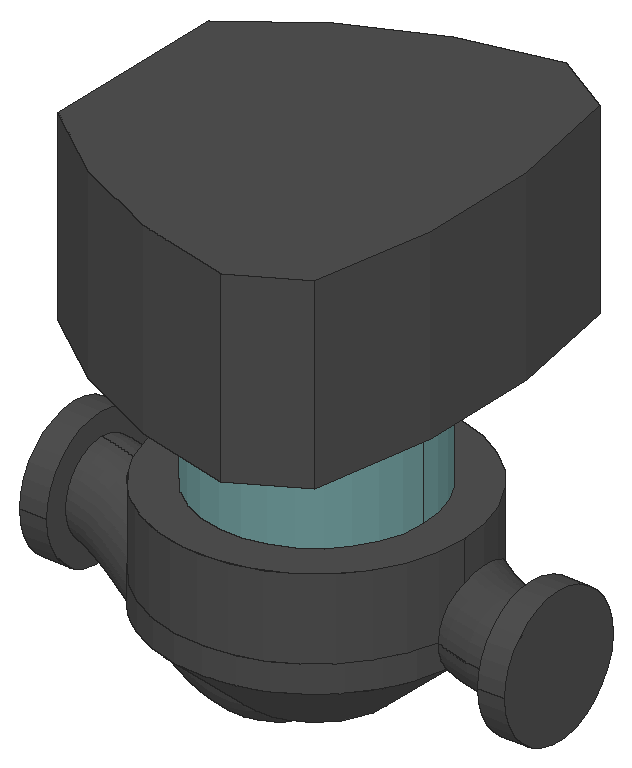
Revit family "Shinhoo_MEGA_G", category Оборудование, Revit 2019
Family settings
  Размер круглого соединителя = Использовать диаметр
  Классификация = Нет
  Тип детали = Вставляется
  На основе рабочей плоскости = Нет
  Всегда вертикально = Нет
  При загрузке вырезать с полостями = Нет
  Общий = Нет
  Точка расчета площади = Нет
Parameters (values of type "MEGA 25-12 180 1x230В - 71121002")
  Тип основания = "встроенный"  # constant formula
  Тип Насоса = "Регулируемый высокоэффективный циркуляционный насос с «мокрым» ротором"  # constant formula
  Степень защиты от удара (IK) = "IK04"  # constant formula
  Скорость вращения = 2850  # constant formula
  Разработчик (телефон) = "+7(495)649-85-43"  # constant formula
  Разработчик (e-mail) = "office@prorubim.com"  # constant formula
  Разработчик = "ООО ПРОРУБИМ"  # constant formula
  Переключатель УГО [instance] = no
  Класс защиты (IP) = "IP42"  # constant formula
  r6 = 55 mm  # constant formula
  r1_3 = r1 + (r1 / 2)  # 25 mm
  r1_1 = r1 + 1 mm  # 17.667 mm
  r1 = d1 / 2  # 16.667 mm
  b1_20 = B2 - (B2 / 7)  # 68.571 mm
  Группа модели = "MEGA 25-12 180 1x230В"
  Изготовитель = "Shinhoo"  # constant formula
  URL = "https://shinhoopump.ru/"
  L = 180 mm  # constant formula
  H1 = 55 mm  # constant formula
  H2 = 144 mm  # constant formula
  H = H2 + H1  # 199 mm
  DN = 25 mm
  d6 = 50 mm  # constant formula
  d1 = d6 / 1.5  # 33.333 mm
  B1 = 80 mm  # constant formula
  B2 = 80 mm  # constant formula
  B = B2 + B1  # 160 mm
  ADSK_Ток = 1.25 A
  ADSK_Расход жидкости = 0.003056 m³/s
  ADSK_Полная мощность = 185 VA
  ADSK_Позиция = ""
  ADSK_Обозначение = "ГОСТ 31839-2012, ГОСТ 12.2.007.0-75, ГОСТ 12.2.003-91, ГОСТ Р МЭК 60204-1-2007,  ГОСТ 30804"  # constant formula
  ADSK_Номинальная мощность = 185 W
  ADSK_Напряжение = 230 V  # constant formula
  ADSK_Наименование краткое = "MEGA 25-12 180 1x230В"
  ADSK_Наименование = "Регулируемый высокоэффективный циркуляционный насос с «мокрым» ротором MEGA 25-12 180 1x230В"
  ADSK_Материал = Чугун с катафорезным покрытием
  ADSK_Масса_Текст = "5.5"
  ADSK_Масса = 5.5
  ADSK_Марка = ""
  ADSK_Коэффициент мощности = 1  # constant formula
  ADSK_Количество = 1  # constant formula
  ADSK_Код изделия = "71121002"
  ADSK_Завод-изготовитель = "Shinhoo"  # constant formula
  ADSK_Единица измерения = "шт"  # constant formula
  ADSK_Версия семейства = "1.0"  # constant formula
  ADSK_Версия Revit = "2019"  # constant formula
  ADSK_URL страницы изделия = "https://shinhoopump.ru/"
Types (5, lengths in mm): name | Группа модели | DN | ADSK_Ток | ADSK_Расход жидкости | ADSK_Полная мощность | ADSK_Номинальная мощность | ADSK_Наименование краткое | ADSK_Наименование | ADSK_Масса_Текст | ADSK_Масса | ADSK_Код изделия
  (no name) | "MEGA 25-12 180 1x230В" | 25 | 1.25 A | 0.003056 m³/s | 185 VA | 185 W | "MEGA 25-12 180 1x230В" | "Регулируемый высокоэффективный циркуляционный насос с «мокрым» ротором MEGA 25-12 180 1x230В" | "5.5" | 5.5 | "71121002"
  MEGA 25-8 180 1x230В - 71121001 | "MEGA 25-8 180 1x230В" | 25 | 0.9 A | 0.002361 m³/s | 130 VA | 130 W | "MEGA 25-8 180 1x230В" | "Регулируемый высокоэффективный циркуляционный насос с «мокрым» ротором MEGA 25-8 180 1x230В" | "4.5" | 4.5 | "71121001"
  MEGA 25-12 180 1x230В - 71121002 | "MEGA 25-12 180 1x230В" | 25 | 1.25 A | 0.003056 m³/s | 185 VA | 185 W | "MEGA 25-12 180 1x230В" | "Регулируемый высокоэффективный циркуляционный насос с «мокрым» ротором MEGA 25-12 180 1x230В" | "5.5" | 5.5 | "71121002"
  MEGA 32-8 180 1x230В - 71121003 | "MEGA 32-8 180 1x230В" | 32 | 0.9 A | 0.002361 m³/s | 130 VA | 130 W | "MEGA 32-8 180 1x230В" | "Регулируемый высокоэффективный циркуляционный насос с «мокрым» ротором MEGA 32-8 180 1x230В" | "5" | 5 | "71121003"
  MEGA 32-12 180 1x230В - 71121004 | "MEGA 32-12 180 1x230В" | 32 | 1.25 A | 0.003056 m³/s | 185 VA | 185 W | "MEGA 32-12 180 1x230В" | "Регулируемый высокоэффективный циркуляционный насос с «мокрым» ротором MEGA 32-12 180 1x230В" | "6" | 6 | "71121004"
Reference planes
  plane 1 "Center (Front/Back)": y = 0
  plane 2: z = 0
  plane 3 "Center (Left/Right)": x = 0
  plane 4: x = -90
  plane 5: x = 90
  plane 6: through (0, 0, 1200) normal (-0.7071, 0.7071, 0)
  plane 7: y = 80
  plane 8: z = -55
  plane 9: z = 144
  plane 10: z = -16.667
  plane 11: through (0, 0, 1200) normal (0.7071, 0.7071, 0)
  plane 12: through (38.891, 38.891, 1200) normal (0.7071, 0.7071, 0)
  plane 13: y = -80
  plane 14: x = 80
  plane 15: x = -80
Forms (mm)
  Sweep 1, solid, material "Чугун с катафорезным покрытием" <- "ADSK_Материал", detail levels fine
    path origin (0, 0, 0) x (1, 0, 0) y (0, 0, 1)
      loop
        spline (-85, 0) -> (-76.458, -0.607) -> (-68.396, -4.275) -> (-60.674, -10.053) -> (-53.152, -16.989) -> (-45.69, -24.132) -> (-38.146, -30.53) -> (-30.381, -35.232) -> (-22.256, -37.287) -> (-13.628, -35.742) -> (-4.359, -29.647) -> (5.693, -18.05) -> (16.667, 0)
    profile origin (-38.146, 0, -30.53) x (0.59904, 0, 0.800719) y (0, -1, 0)
      loop
        circle (0, 0) r 16.667
  Revolve 2, solid, material "Чугун с катафорезным покрытием" <- "ADSK_Материал", detail levels fine
    sketch origin (0, 0, 0) x (1, 0, 0) y (0, 0, 1)
      loop
        line (0, -35.833) -> (0, 0) -> (-55, 0) -> (-55, -10) -> (-25.667, -35.833) -> (0, -35.833)
      axis (0, 0) -> (0, -35.833)
    angle from 0 to 360
  Sweep 3, solid, material "Чугун с катафорезным покрытием" <- "ADSK_Материал", detail levels fine
    path origin (0, 0, 0) x (1, 0, 0) y (0, 1, 0)
      loop
        spline (86.259, 0) -> (81.297, -0.008) -> (76.331, 0.385) -> (71.36, 1.179) -> (66.384, 2.376) -> (61.403, 3.973) -> (56.417, 5.972) -> (51.427, 8.373) -> (46.431, 11.175) -> (41.43, 14.379) -> (36.425, 17.984) -> (31.414, 21.991) -> (26.399, 26.399)
    profile origin (56.417, 5.972, 0) x (-0.40351, -0.914975, 0) y (0, 0, 1)
      loop
        circle (0, 0) r 16.667
  Extrusion 4, solid, material "Чугун с катафорезным покрытием" <- "ADSK_Материал", detail levels fine
    sketch origin (-90, 716.956, 1200) x (0, 1, 0) y (0, 0, 1)
      loop
        circle (-716.956, -1200) r 25
    from 0 to 10
  Extrusion 5, solid, material "Чугун с катафорезным покрытием" <- "ADSK_Материал", detail levels fine
    sketch origin (90, 716.956, 1200) x (0, 1, 0) y (0, 0, 1)
      loop
        circle (-716.956, -1200) r 25
    from 0 to -10
  Extrusion 6, solid, material "Чугун с катафорезным покрытием" <- "ADSK_Материал", detail levels fine
    sketch origin (90, 716.956, 1200) x (0, 1, 0) y (0, 0, 1)
      loop
        circle (-716.956, -1091) r 12
    from -90 to -160
  Extrusion 7, solid, material "Чугун с катафорезным покрытием" <- "ADSK_Материал", detail levels fine
    sketch origin (0, 0, 0) x (1, 0, 0) y (0, 1, 0)
      loop
        circle (0, 0) r 55
    from 0 to 30
  Extrusion 8, solid, material "Чугун с катафорезным покрытием" <- "ADSK_Материал", detail levels fine
    sketch origin (0, 0, 0) x (1, 0, 0) y (0, 1, 0)
      loop
        circle (0, 0) r 40
    from 30 to 75
  Extrusion 9, solid, material "Чугун с катафорезным покрытием" <- "ADSK_Материал", detail levels fine
    sketch origin (0, 0, 0) x (1, 0, 0) y (0, 1, 0)
      loop
        line (-68.015, 35) -> (-68.015, -35)
        arc (-68.015, -35) -> (-23.235, -64.943) -> (28.487, -80) r 176.674
        line (28.487, -80) -> (52.285, -66.26)
        arc (52.285, -66.26) -> (61.507, 0) -> (52.285, 66.26) r 242.656
        line (52.285, 66.26) -> (28.487, 80)
        arc (28.487, 80) -> (-23.235, 64.943) -> (-68.015, 35) r 176.674
    from 75 to 144
Cuts and joins
  joined: Sweep 1, Revolve 2, Sweep 3, Extrusion 4, Extrusion 5, Extrusion 6, Extrusion 7, Extrusion 8, Extrusion 9
Dimensions and locks
  equal spacing: plane 4, plane 3 "Center (Left/Right)", plane 5
  "L": plane 4 to plane 5
  "B2": plane 1 "Center (Front/Back)" to plane 7
  "H1": level to plane 8
  "H2": plane 9 to level
  "r1": level to plane 10
  locked: plane 12 to plane 11 at 55
  locked: plane 4 to Extrusion 4 at 10
  locked: Extrusion 5 to plane 5 at 10
  locked: Sweep 1 sketch curve to plane 4 at 5
  "B2": plane 15 to plane 3 "Center (Left/Right)" to plane 14
  "B2": plane 13 to plane 1 "Center (Front/Back)"
  "r1_1": plane 12 to Sweep 3 sketch curve
  locked: Sweep 3 sketch curve to plane 5 at 3.741
  "r1": Sweep 1 sketch curve to plane 3 "Center (Left/Right)"
  locked: plane 15 to cut or joined group 1 (Sweep 1, Revolve 2, Sweep 3, Extrusion 4, Extrusion 5, Extrusion 6, Extrusion 7, Extrusion 8, Extrusion 9) at 10
  equal spacing: plane 10, Revolve 2 sketch curve, plane 8
  locked: level to Revolve 2 sketch curve at 10
  locked: plane 3 "Center (Left/Right)" to Revolve 2 sketch curve at 25.667
  "d1": diameter of Sweep 1 sketch curve
  "d1": diameter of Sweep 3 sketch curve
  "d6": diameter of Extrusion 4 sketch curve
  "d6": diameter of Extrusion 5 sketch curve
  aligned and locked: level to plane 2
  aligned and locked: Revolve 2 sketch curve to plane 3 "Center (Left/Right)"  (x2)
  aligned and locked: level to Sweep 1 sketch curve  (x2)
  aligned and locked: plane 6 to Sweep 3 sketch curve
  aligned and locked: plane 1 "Center (Front/Back)" to Sweep 3 sketch curve
  aligned and locked: Extrusion 9 to cut or joined group 1
  aligned and locked: plane 9 to Extrusion 9
  aligned and locked: Revolve 2 sketch curve to level
  aligned and locked: plane 3 "Center (Left/Right)" to nested 1
  aligned and locked: plane 1 "Center (Front/Back)" to nested 1
Automatic sketch dimensions
  Extrusion 6 sketch curve to plane 1 "Center (Front/Back)" = 0 mm
  Extrusion 6 sketch curve to plane 9 = 35 mm
  plane 1 "Center (Front/Back)" to Extrusion 7 sketch curve = 0 mm
  Extrusion 7 sketch curve to plane 3 "Center (Left/Right)" = 0 mm
  plane 1 "Center (Front/Back)" to Extrusion 8 sketch curve = 0 mm
  Extrusion 8 sketch curve to plane 3 "Center (Left/Right)" = 0 mm
  plane 1 "Center (Front/Back)" to Extrusion 9 sketch curve = 0 mm
  plane 13 to Extrusion 9 sketch curve = 0 mm
  Extrusion 9 sketch curve to plane 7 = 0 mm
  Extrusion 9 sketch curve to plane 4 = 91.149 mm
  Extrusion 9 sketch curve to plane 15 = 11.985 mm
  plane 1 "Center (Front/Back)" to Extrusion 9 sketch curve = 35 mm
  Extrusion 9 sketch curve to plane 7 = 13.74 mm
  Extrusion 9 sketch curve to plane 14 = 27.715 mm
  Extrusion 9 sketch curve to Extrusion 9 sketch curve = 23.798 mm  (x2)
  plane 3 "Center (Left/Right)" to Extrusion 9 sketch curve = 28.487 mm
  plane 7 to Extrusion 9 sketch curve = 15.178 mm
  plane 13 to Extrusion 9 sketch curve = 15.178 mm
  Extrusion 9 sketch curve to Extrusion 9 sketch curve = 22.944 mm
  Revolve 2 sketch curve to plane 15 = 25 mm
  Revolve 2 sketch curve to plane 8 = 26 mm
  Revolve 2 sketch curve to plane 9 = 31 mm
  Sweep 1 sketch curve to plane 1 "Center (Front/Back)" = 0 mm
  Sweep 1 sketch curve to profile plane = 0 mm
  level to Sweep 3 sketch curve = 0 mm
  Sweep 3 sketch curve to profile plane = 0 mm
  Extrusion 4 sketch curve to level = 0 mm
  Extrusion 4 sketch curve to plane 1 "Center (Front/Back)" = 0 mm
  Extrusion 5 sketch curve to level = 0 mm
  Extrusion 5 sketch curve to plane 1 "Center (Front/Back)" = 0 mm
  radius of Extrusion 6 sketch curve = 12 mm
  radius of Extrusion 7 sketch curve = 55 mm
  radius of Extrusion 8 sketch curve = 40 mm
Nested families
  nested 1: "УГО_Насос циркуляционный" at (0, 0, 0), L_УГО <- "L", Переключатель УГО <- "Переключатель УГО", type "УГО_Насос циркуляционный", detail levels coarse+medium
    with УГО yes, Переключатель УГО no, L_УГО 180 mm
Connectors
  piping at (-90, 0, 0), diameter 25, driven by "DN", driven by "ADSK_Расход жидкости"
    settings: on cut or joined group 1, index 1, connector inside diameter 609.6 mm, connector length 0 mm, flow factor 0, pipe flow 0.003056 m³/s, pressure drop 0.0 Pa, fitting loss kfactor 0, connector angle 0.00°, fixture units 0, engagement length 0 mm, angle of deflection 0.00°, flow configuration 0, flow direction 1, fitting loss method 0, system type 29, joint type 0, gender type 0, connector reference index 4, connector utility 0, adjustable connector no, is connector primary yes, connector description ""
  piping at (90, 0, 0), diameter 25, driven by "DN", driven by "ADSK_Расход жидкости"
    settings: on cut or joined group 1, index 4, connector inside diameter 609.6 mm, connector length 0 mm, flow factor 0, pipe flow 0.003056 m³/s, pressure drop 0.0 Pa, fitting loss kfactor 0, connector angle 0.00°, fixture units 0, engagement length 0 mm, angle of deflection 0.00°, flow configuration 0, flow direction 2, fitting loss method 0, system type 29, joint type 0, gender type 0, connector reference index 1, connector utility 0, adjustable connector no, is connector primary no, connector description ""
  electrical at (-70, 0, 109), driven by "ADSK_Напряжение", driven by "ADSK_Полная мощность", driven by "ADSK_Коэффициент мощности"
    settings: on cut or joined group 1, index 5, voltage 230 V, apparent load 185 VA, apparent load phase1 0 VA, apparent load phase2 0 VA, apparent load phase3 0 VA, power factor 1, load classification "Прочее", number of poles 1, system type 30, power factor state 0, is connector primary yes, connector utility no, sub classification motor no, connector description ""
